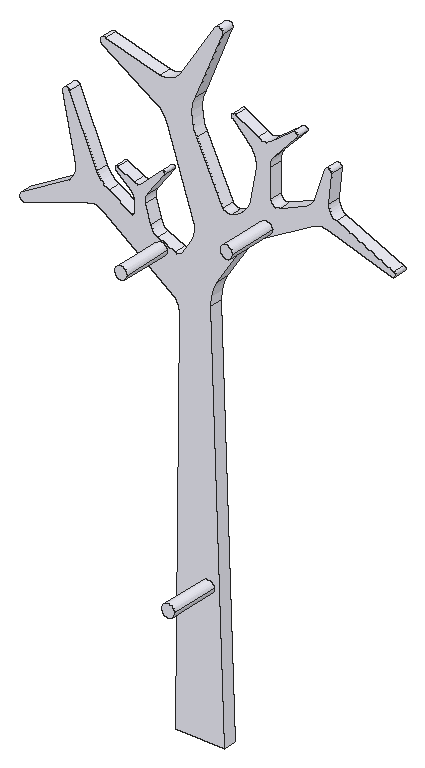
Revit family
Parameters
  Width = 2' - 6"
  Wall Offset [instance] = Depth - 0' 1"  # 0' - 4"
  URL = "www.hightoweraccess.com"
  Thickness = 0' - 1"  # constant formula
  Product URL = "http://www.hightoweraccess.com/pricelist/new/pdf/log.pdf"
  Model = "S 6333"
  Manufacturer = "HighTower"
  Height = 4' - 5"
  Description = "Tree Wall Mount, Jr."
  Depth [instance] = 0' - 5"
  Base [instance] = Furniture - HIGH TOWER - Tree - Base
  Assembly Description = "Furniture & Accessories"
  Assembly Code = "E2020200"
Reference planes (in)
  plane 1: y = 0
  plane 2 "Center (Left/Right)": x = 0
  plane 3 "Wall Edge": y = 3
Forms (in)
  Extrusion 1, solid, material "Furniture - HIGH TOWER - Tree - Base" <- "Base"
    sketch origin (0, 3, 0) x (1, 0, 0) y (0, 0, 1)
      loop
        line (1.9685, 0) -> (0.84687, 31.612)
        arc (0.84687, 31.612) -> (0.96869, 32.64333) -> (1.39563, 33.59003) r 3.40615
        line (1.39563, 33.59003) -> (3.23639, 36.41993)
        arc (3.23639, 36.41993) -> (3.86088, 37.16755) -> (4.64425, 37.74657) r 4.096
        line (4.64425, 37.74657) -> (9.19392, 40.33533)
        arc (9.19392, 40.33533) -> (9.7099, 40.50277) -> (10.25001, 40.45224) r 1.3419
        line (10.25001, 40.45224) -> (15.45245, 38.86115)
        arc (15.45245, 38.86115) -> (15.743, 39.00512) -> (15.61584, 39.30342) r 0.23613
        line (15.61584, 39.30342) -> (10.9723, 41.32692)
        arc (10.9723, 41.32692) -> (10.51131, 41.73416) -> (10.37589, 42.33417) r 1
        line (10.37589, 42.33417) -> (10.58258, 44.6084)
        arc (10.58258, 44.6084) -> (10.37705, 44.88727) -> (10.07571, 44.71638) r 0.26098
        line (10.07571, 44.71638) -> (9.22708, 42.23197)
        arc (9.22708, 42.23197) -> (9.00963, 41.86629) -> (8.66328, 41.6192) r 1.03344
        line (8.66328, 41.6192) -> (6.40204, 40.63007)
        arc (6.40204, 40.63007) -> (5.93053, 40.66806) -> (5.7017, 41.08206) r 0.5
        line (5.7017, 41.08206) -> (5.67361, 43.38288)
        arc (5.67361, 43.38288) -> (5.76617, 43.89545) -> (6.043, 44.33666) r 1.37288
        line (6.043, 44.33666) -> (7.78439, 46.20138)
        arc (7.78439, 46.20138) -> (7.78773, 46.49971) -> (7.49092, 46.53007) r 0.22123
        line (7.49092, 46.53007) -> (5.70204, 45.20347)
        arc (5.70204, 45.20347) -> (5.16007, 45.00815) -> (4.60027, 45.14424) r 1
        line (4.60027, 45.14424) -> (2.85271, 46.16973)
        arc (2.85271, 46.16973) -> (2.54914, 46.11037) -> (2.57072, 45.8018) r 0.23355
        line (2.57072, 45.8018) -> (4.04167, 44.35479)
        arc (4.04167, 44.35479) -> (4.46143, 43.67089) -> (4.51298, 42.87011) r 1.66677
        line (4.51298, 42.87011) -> (4.05784, 40.35202)
        arc (4.05784, 40.35202) -> (3.72083, 39.59369) -> (3.07235, 39.07587) r 1.75
        line (3.07235, 39.07587) -> (2.48168, 38.80178)
        arc (2.48168, 38.80178) -> (2.10429, 38.78402) -> (1.82221, 39.03535) r 0.5
        line (1.82221, 39.03535) -> (-0.32063, 43.4091)
        arc (-0.32063, 43.4091) -> (-0.67574, 44.83557) -> (-0.41377, 46.28205) r 3.5
        line (-0.41377, 46.28205) -> (1.76395, 51.56869)
        arc (1.76395, 51.56869) -> (1.60736, 51.99906) -> (1.1645, 51.88238) r 0.3397
        line (1.1645, 51.88238) -> (-1.6315, 47.55332)
        arc (-1.6315, 47.55332) -> (-2.3501, 46.96827) -> (-3.27534, 46.91707) r 1.5
        line (-3.27534, 46.91707) -> (-7.62591, 48.06857)
        arc (-7.62591, 48.06857) -> (-8.05128, 47.86083) -> (-7.90704, 47.40995) r 0.36183
        line (-7.90704, 47.40995) -> (-3.68237, 44.83077)
        arc (-3.68237, 44.83077) -> (-3.02679, 44.25109) -> (-2.61116, 43.48099) r 2.5
        line (-2.61116, 43.48099) -> (-0.54867, 37.23589)
        arc (-0.54867, 37.23589) -> (-0.47753, 36.44277) -> (-0.76519, 35.70024) r 1.75
        line (-0.76519, 35.70024) -> (-1.4733, 34.66325)
        arc (-1.4733, 34.66325) -> (-1.75383, 34.46305) -> (-2.09726, 34.49193) r 0.5
        line (-2.09726, 34.49193) -> (-3.4299, 35.11239)
        arc (-3.4299, 35.11239) -> (-3.8025, 35.39764) -> (-4.02008, 35.81341) r 1.08661
        line (-4.02008, 35.81341) -> (-4.40125, 37.22082)
        arc (-4.40125, 37.22082) -> (-4.41644, 37.57375) -> (-4.27889, 37.89912) r 0.80403
        line (-4.27889, 37.89912) -> (-2.91392, 39.80527)
        arc (-2.91392, 39.80527) -> (-2.9363, 39.9992) -> (-3.13149, 39.99594) r 0.14535
        line (-3.13149, 39.99594) -> (-4.74726, 38.4816)
        arc (-4.74726, 38.4816) -> (-5.0508, 38.33653) -> (-5.38246, 38.39293) r 0.55635
        line (-5.38246, 38.39293) -> (-6.65831, 39.05008)
        arc (-6.65831, 39.05008) -> (-6.85561, 38.99985) -> (-6.82957, 38.79793) r 0.15353
        line (-6.82957, 38.79793) -> (-5.62783, 37.74888)
        arc (-5.62783, 37.74888) -> (-5.42542, 37.48568) -> (-5.33991, 37.16485) r 0.84583
        line (-5.33991, 37.16485) -> (-5.27835, 36.18753)
        arc (-5.27835, 36.18753) -> (-5.35797, 36.03167) -> (-5.53292, 36.02675) r 0.17159
        line (-5.53292, 36.02675) -> (-7.4266, 37.07861)
        arc (-7.4266, 37.07861) -> (-8.00916, 37.54192) -> (-8.41034, 38.16887) r 2.26791
        line (-8.41034, 38.16887) -> (-10.54643, 43.15997)
        arc (-10.54643, 43.15997) -> (-10.90628, 43.32492) -> (-11.1055, 42.98285) r 0.29463
        line (-11.1055, 42.98285) -> (-10.0679, 38.09698)
        arc (-10.0679, 38.09698) -> (-10.14814, 37.30728) -> (-10.67292, 36.71174) r 1.29888
        line (-10.67292, 36.71174) -> (-14.41488, 34.47908)
        arc (-14.41488, 34.47908) -> (-14.5476, 34.04832) -> (-14.13274, 33.87209) r 0.33646
        line (-14.13274, 33.87209) -> (-9.10273, 35.60774)
        arc (-9.10273, 35.60774) -> (-8.43269, 35.66939) -> (-7.81016, 35.41402) r 1.41236
        line (-7.81016, 35.41402) -> (-2.17809, 31.30925)
        arc (-2.17809, 31.30925) -> (-1.82822, 30.89686) -> (-1.70558, 30.37013) r 1.14975
        line (-1.70558, 30.37013) -> (-1.9685, 0) -> (1.9685, 0)
    from -5 to -4
  Extrusion 2, solid, material "Furniture - HIGH TOWER - Tree - Base" <- "Base"
    sketch origin (0, 3, 0) x (1, 0, 0) y (0, 0, 1)
      loop
        circle (0.59521, 11.22122) r 0.5
      loop
        circle (5.2982, 38.83608) r 0.5
      loop
        circle (-3.21361, 34.33201) r 0.5
    from -4 to 0
Text (in)
  text "Placement Side" at (0, 40.15149, 123.01588), in view "Right"
  text "Placement Side" at (-70.3804, 28.46503, 0), in view "Ref. Level"
  text "Placement Side" at (0, 81.62555, 140.59947), in view "Left"
Dimensions and locks (in)
  locked: plane 3 "Wall Edge" to host wall
  "Thickness": Extrusion 1 to Extrusion 1
  "Wall Offset": Extrusion 1 to host wall
  aligned and locked: Extrusion 2 to Extrusion 1
  aligned and locked: Extrusion 2 to host wall
Automatic sketch dimensions
  plane 2 "Center (Left/Right)" to Extrusion 2 sketch curve = 0' - 0.59521"
  Extrusion 2 sketch curve to plane 2 "Center (Left/Right)" = 0' - 3.21361"
  plane 2 "Center (Left/Right)" to Extrusion 2 sketch curve = 0' - 5.2982"
  level to Extrusion 2 sketch curve = 0' - 11.22122"
  Extrusion 2 sketch curve to Extrusion 2 sketch curve = 1' - 11.11079"
  Extrusion 2 sketch curve to Extrusion 2 sketch curve = 0' - 4.50407"
  Extrusion 1 sketch curve to plane 2 "Center (Left/Right)" = 1' - 2.41488"
  Extrusion 1 sketch curve to Extrusion 1 sketch curve = 0' - 0.1724"
  Extrusion 1 sketch curve to Extrusion 1 sketch curve = 0' - 0.10975"
  Extrusion 1 sketch curve to Extrusion 1 sketch curve = 0' - 3.07644"
  Extrusion 1 sketch curve to Extrusion 1 sketch curve = 0' - 0.23295"
  Extrusion 1 sketch curve to Extrusion 1 sketch curve = 0' - 0.2882"
  Extrusion 1 sketch curve to Extrusion 1 sketch curve = 0' - 0.66552"
  Extrusion 1 sketch curve to Extrusion 1 sketch curve = 0' - 0.27086"
  Extrusion 1 sketch curve to Extrusion 1 sketch curve = 0' - 1.27054"
  Extrusion 1 sketch curve to Extrusion 1 sketch curve = 0' - 1.57019"
  Extrusion 1 sketch curve to Extrusion 1 sketch curve = 0' - 0.4607"
  Extrusion 1 sketch curve to Extrusion 1 sketch curve = 0' - 1.65756"
  Extrusion 1 sketch curve to Extrusion 1 sketch curve = 0' - 2.6394"
  Extrusion 1 sketch curve to Extrusion 1 sketch curve = 0' - 1.29256"
  Extrusion 1 sketch curve to Extrusion 1 sketch curve = 0' - 0.18854"
  Extrusion 1 sketch curve to Extrusion 1 sketch curve = 0' - 0.09258"
  Extrusion 1 sketch curve to Extrusion 1 sketch curve = 0' - 0.98374"
  Extrusion 1 sketch curve to Extrusion 1 sketch curve = 0' - 1.58077"
  Extrusion 1 sketch curve to Extrusion 1 sketch curve = 0' - 0.10096"
  Extrusion 1 sketch curve to Extrusion 1 sketch curve = 0' - 0 9/128"
  Extrusion 1 sketch curve to Extrusion 1 sketch curve = 0' - 0.33295"
  Extrusion 1 sketch curve to Extrusion 1 sketch curve = 0' - 1.24253"
  Extrusion 1 sketch curve to Extrusion 1 sketch curve = 0' - 0.55624"
  Extrusion 1 sketch curve to Extrusion 1 sketch curve = 0' - 0.65116"
  Extrusion 1 sketch curve to Extrusion 1 sketch curve = 0' - 0.08332"
  Extrusion 1 sketch curve to Extrusion 1 sketch curve = 0' - 0.24537"
  Extrusion 1 sketch curve to Extrusion 1 sketch curve = 0' - 0.28792"
  Extrusion 1 sketch curve to Extrusion 1 sketch curve = 0' - 0.17125"
  Extrusion 1 sketch curve to Extrusion 1 sketch curve = 0' - 0.25475"
  Extrusion 1 sketch curve to Extrusion 1 sketch curve = 0' - 0.14266"
  Extrusion 1 sketch curve to Extrusion 1 sketch curve = 0' - 0.38045"
  Extrusion 1 sketch curve to Extrusion 1 sketch curve = 0' - 0.93866"
  Extrusion 1 sketch curve to Extrusion 1 sketch curve = 0' - 0.12236"
  Extrusion 1 sketch curve to Extrusion 1 sketch curve = 0' - 1.25827"
  Extrusion 1 sketch curve to Extrusion 1 sketch curve = 0' - 1.30268"
  Extrusion 1 sketch curve to Extrusion 1 sketch curve = 0' - 0.65371"
  Extrusion 1 sketch curve to Extrusion 1 sketch curve = 0' - 0.59018"
  Extrusion 1 sketch curve to Extrusion 1 sketch curve = 0' - 0.40703"
  Extrusion 1 sketch curve to Extrusion 1 sketch curve = 0' - 1.61577"
  Extrusion 1 sketch curve to Extrusion 1 sketch curve = 0' - 0.0994"
  Extrusion 1 sketch curve to Extrusion 1 sketch curve = 0' - 0.45864"
  Extrusion 1 sketch curve to Extrusion 1 sketch curve = 0' - 0.11818"
  Extrusion 1 sketch curve to Extrusion 1 sketch curve = 0' - 0.3838"
  Extrusion 1 sketch curve to plane 2 "Center (Left/Right)" = 0' - 2.85528"
  Extrusion 1 sketch curve to Extrusion 1 sketch curve = 0' - 1.07121"
  Extrusion 1 sketch curve to Extrusion 1 sketch curve = 0' - 0.76086"
  Extrusion 1 sketch curve to Extrusion 1 sketch curve = 0' - 0.67719"
  Extrusion 1 sketch curve to Extrusion 1 sketch curve = 0' - 1.33264"
  Extrusion 1 sketch curve to plane 2 "Center (Left/Right)" = 0' - 1.9685"
  Extrusion 1 sketch curve to Extrusion 1 sketch curve = 0' - 0.21104"
  Extrusion 1 sketch curve to Extrusion 1 sketch curve = 0' - 0.47252"
  Extrusion 1 sketch curve to Extrusion 1 sketch curve = 0' - 1.26004"
  Extrusion 1 sketch curve to Extrusion 1 sketch curve = 0' - 0.41291"
  Extrusion 1 sketch curve to Extrusion 1 sketch curve = 0' - 0.70811"
  Extrusion 1 sketch curve to Extrusion 1 sketch curve = 0' - 0.21652"
  Extrusion 1 sketch curve to plane 2 "Center (Left/Right)" = 0' - 0.41377"
  Extrusion 1 sketch curve to plane 2 "Center (Left/Right)" = 0' - 0.32063"
  plane 2 "Center (Left/Right)" to Extrusion 1 sketch curve = 0' - 0.84687"
  plane 2 "Center (Left/Right)" to Extrusion 1 sketch curve = 0' - 1.1645"
  plane 2 "Center (Left/Right)" to Extrusion 1 sketch curve = 0' - 1.39563"
  Extrusion 1 sketch curve to Extrusion 1 sketch curve = 0' - 0.28536"
  Extrusion 1 sketch curve to Extrusion 1 sketch curve = 0' - 0.31409"
  plane 2 "Center (Left/Right)" to Extrusion 1 sketch curve = 0' - 1.82221"
  plane 2 "Center (Left/Right)" to Extrusion 1 sketch curve = 0' - 1.9685"
  Extrusion 1 sketch curve to Extrusion 1 sketch curve = 0' - 0.44901"
  plane 2 "Center (Left/Right)" to Extrusion 1 sketch curve = 0' - 2.33575"
  Extrusion 1 sketch curve to Extrusion 1 sketch curve = 0' - 0.21046"
  plane 2 "Center (Left/Right)" to Extrusion 1 sketch curve = 0' - 2.57072"
  Extrusion 1 sketch curve to Extrusion 1 sketch curve = 0' - 0.16379"
  Extrusion 1 sketch curve to Extrusion 1 sketch curve = 0' - 0.2517"
  Extrusion 1 sketch curve to Extrusion 1 sketch curve = 0' - 0.1182"
  plane 2 "Center (Left/Right)" to Extrusion 1 sketch curve = 0' - 2.87279"
  Extrusion 1 sketch curve to Extrusion 1 sketch curve = 0' - 0.59068"
  plane 2 "Center (Left/Right)" to Extrusion 1 sketch curve = 0' - 3.23639"
  Extrusion 1 sketch curve to Extrusion 1 sketch curve = 0' - 1.21925"
  Extrusion 1 sketch curve to Extrusion 1 sketch curve = 0' - 0.98549"
  plane 2 "Center (Left/Right)" to Extrusion 1 sketch curve = 0' - 4.25087"
  Extrusion 1 sketch curve to Extrusion 1 sketch curve = 0' - 0.47131"
  Extrusion 1 sketch curve to Extrusion 1 sketch curve = 0' - 0 143/256"
  Extrusion 1 sketch curve to Extrusion 1 sketch curve = 0' - 1.40787"
  Extrusion 1 sketch curve to Extrusion 1 sketch curve = 0' - 0.50611"
  Extrusion 1 sketch curve to Extrusion 1 sketch curve = 0' - 1.16063"
  Extrusion 1 sketch curve to Extrusion 1 sketch curve = 0' - 1.64386"
  Extrusion 1 sketch curve to Extrusion 1 sketch curve = 0' - 0.59566"
  Extrusion 1 sketch curve to Extrusion 1 sketch curve = 0' - 0.34096"
  Extrusion 1 sketch curve to Extrusion 1 sketch curve = 0' - 0.49996"
  Extrusion 1 sketch curve to Extrusion 1 sketch curve = 0' - 0.20038"
  Extrusion 1 sketch curve to Extrusion 1 sketch curve = 0' - 2.41904"
  Extrusion 1 sketch curve to Extrusion 1 sketch curve = 0' - 1.00339"
  Extrusion 1 sketch curve to Extrusion 1 sketch curve = 0' - 1.78888"
  Extrusion 1 sketch curve to Extrusion 1 sketch curve = 0' - 0.13178"
  Extrusion 1 sketch curve to Extrusion 1 sketch curve = 0' - 0.16169"
  Extrusion 1 sketch curve to Extrusion 1 sketch curve = 0' - 1.20273"
  Extrusion 1 sketch curve to Extrusion 1 sketch curve = 0' - 0.41417"
  Extrusion 1 sketch curve to Extrusion 1 sketch curve = 0' - 0.53064"
  Extrusion 1 sketch curve to Extrusion 1 sketch curve = 0' - 0.56379"
  Extrusion 1 sketch curve to Extrusion 1 sketch curve = 0' - 0.66363"
  Extrusion 1 sketch curve to Extrusion 1 sketch curve = 0' - 0.84863"
  Extrusion 1 sketch curve to Extrusion 1 sketch curve = 0' - 1.05609"
  Extrusion 1 sketch curve to Extrusion 1 sketch curve = 0' - 0.24697"
  Extrusion 1 sketch curve to Extrusion 1 sketch curve = 0' - 1.14881"
  Extrusion 1 sketch curve to Extrusion 1 sketch curve = 0' - 0.2599"
  Extrusion 1 sketch curve to Extrusion 1 sketch curve = 0' - 0.72229"
  Extrusion 1 sketch curve to Extrusion 1 sketch curve = 0' - 0.39949"
  Extrusion 1 sketch curve to Extrusion 1 sketch curve = 0' - 4.48015"
  Extrusion 1 sketch curve to Extrusion 1 sketch curve = 0' - 0.06906"
  Extrusion 1 sketch curve to Extrusion 1 sketch curve = 0' - 0.09433"
  level to Extrusion 1 sketch curve = 0' - 0"
  Extrusion 1 sketch curve to Extrusion 1 sketch curve = 2' - 6.37013"
  Extrusion 1 sketch curve to Extrusion 1 sketch curve = 0' - 0.00995"
  Extrusion 1 sketch curve to Extrusion 1 sketch curve = 0' - 1.24186"
  Extrusion 1 sketch curve to Extrusion 1 sketch curve = 0' - 0.12078"
  Extrusion 1 sketch curve to Extrusion 1 sketch curve = 0' - 3.492"
  Extrusion 1 sketch curve to Extrusion 1 sketch curve = 0' - 2.45375"
  Extrusion 1 sketch curve to Extrusion 1 sketch curve = 0' - 0.31806"
  Extrusion 1 sketch curve to Extrusion 1 sketch curve = 0' - 0.40054"
  Extrusion 1 sketch curve to Extrusion 1 sketch curve = 0' - 3.18268"
  Extrusion 1 sketch curve to Extrusion 1 sketch curve = 0' - 0.17132"
  Extrusion 1 sketch curve to Extrusion 1 sketch curve = 0' - 0.62047"
  Extrusion 1 sketch curve to Extrusion 1 sketch curve = 0' - 1.14139"
  Extrusion 1 sketch curve to Extrusion 1 sketch curve = 0' - 1.03699"
  Extrusion 1 sketch curve to Extrusion 1 sketch curve = 0' - 0.70102"
  Extrusion 1 sketch curve to Extrusion 1 sketch curve = 0' - 0.21333"
  Extrusion 1 sketch curve to Extrusion 1 sketch curve = 0' - 0.15"
  Extrusion 1 sketch curve to Extrusion 1 sketch curve = 0' - 2.8299"
  Extrusion 1 sketch curve to Extrusion 1 sketch curve = 0' - 0.58963"
  Extrusion 1 sketch curve to Extrusion 1 sketch curve = 0' - 1.104"
  Extrusion 1 sketch curve to Extrusion 1 sketch curve = 0' - 1.6646"
  Extrusion 1 sketch curve to Extrusion 1 sketch curve = 0' - 0.93493"
  Extrusion 1 sketch curve to Extrusion 1 sketch curve = 0' - 0.05317"
  Extrusion 1 sketch curve to Extrusion 1 sketch curve = 0' - 0.05597"
  Extrusion 1 sketch curve to Extrusion 1 sketch curve = 0' - 0.21018"
  Extrusion 1 sketch curve to Extrusion 1 sketch curve = 0' - 1.11542"
  Extrusion 1 sketch curve to Extrusion 1 sketch curve = 0' - 1.09026"
  Extrusion 1 sketch curve to Extrusion 1 sketch curve = 0' - 0.64405"
  Extrusion 1 sketch curve to Extrusion 1 sketch curve = 0' - 0.08867"
  Extrusion 1 sketch curve to Extrusion 1 sketch curve = 0' - 0.26327"
  Extrusion 1 sketch curve to Extrusion 1 sketch curve = 0' - 1.05521"
  Extrusion 1 sketch curve to Extrusion 1 sketch curve = 0' - 4.67462"
  Extrusion 1 sketch curve to Extrusion 1 sketch curve = 0' - 0.11566"
  Extrusion 1 sketch curve to Extrusion 1 sketch curve = 0' - 0.23357"
  Extrusion 1 sketch curve to Extrusion 1 sketch curve = 0' - 0.27409"
  Extrusion 1 sketch curve to Extrusion 1 sketch curve = 0' - 0.2258"
  Extrusion 1 sketch curve to Extrusion 1 sketch curve = 0' - 1.42245"
  Extrusion 1 sketch curve to Extrusion 1 sketch curve = 0' - 1.32367"
  Extrusion 1 sketch curve to Extrusion 1 sketch curve = 0' - 0.08462"
  Extrusion 1 sketch curve to Extrusion 1 sketch curve = 0' - 1.16631"
  Extrusion 1 sketch curve to Extrusion 1 sketch curve = 0' - 1.27616"
  Extrusion 1 sketch curve to Extrusion 1 sketch curve = 0' - 0.27805"
  Extrusion 1 sketch curve to Extrusion 1 sketch curve = 0' - 0.45199"
  Extrusion 1 sketch curve to Extrusion 1 sketch curve = 0' - 0.87468"
  Extrusion 1 sketch curve to Extrusion 1 sketch curve = 0' - 1.28388"
  Extrusion 1 sketch curve to Extrusion 1 sketch curve = 0' - 0.61276"
  Extrusion 1 sketch curve to Extrusion 1 sketch curve = 0' - 0.91674"
  Extrusion 1 sketch curve to Extrusion 1 sketch curve = 0' - 2.70105"
  Extrusion 1 sketch curve to Extrusion 1 sketch curve = 0' - 1.78805"
  Extrusion 1 sketch curve to Extrusion 1 sketch curve = 0' - 4.88586"
  Extrusion 1 sketch curve to Extrusion 1 sketch curve = 0' - 0.0612"
  Extrusion 1 sketch curve to Extrusion 1 sketch curve = 0' - 0.29646"
  Extrusion 1 sketch curve to Extrusion 1 sketch curve = 0' - 0.51276"
  Extrusion 1 sketch curve to Extrusion 1 sketch curve = 0' - 0.01676"
  Extrusion 1 sketch curve to Extrusion 1 sketch curve = 0' - 0.24252"
  Extrusion 1 sketch curve to Extrusion 1 sketch curve = 0' - 0.07189"
  Extrusion 1 sketch curve to Extrusion 1 sketch curve = 0' - 2.27423"
  Extrusion 1 sketch curve to Extrusion 1 sketch curve = 0' - 0.02362"
  Extrusion 1 sketch curve to Extrusion 1 sketch curve = 0' - 0.59419"
  Extrusion 1 sketch curve to Extrusion 1 sketch curve = 0' - 0.78945"
  Extrusion 1 sketch curve to Extrusion 1 sketch curve = 0' - 0.86681"
  Extrusion 1 sketch curve to Extrusion 1 sketch curve = 0' - 0.85282"
  Extrusion 1 sketch curve to Extrusion 1 sketch curve = 0' - 0.1665"
  Extrusion 1 sketch curve to Extrusion 1 sketch curve = 0' - 0.99791"
  Extrusion 1 sketch curve to Extrusion 1 sketch curve = 0' - 0.15099"
  Extrusion 1 sketch curve to Extrusion 1 sketch curve = 0' - 2.0863"
  Extrusion 1 sketch curve to Extrusion 1 sketch curve = 0' - 0.49288"
  Extrusion 1 sketch curve to Extrusion 1 sketch curve = 0' - 1.27127"
  Extrusion 1 sketch curve to Extrusion 1 sketch curve = 0' - 0.30883"
  Extrusion 1 sketch curve to Extrusion 1 sketch curve = 0' - 4.01537"
  Extrusion 1 sketch curve to Extrusion 1 sketch curve = 0' - 0.12938"
  radius of Extrusion 2 sketch curve = 0' - 0 1/2"  (x3)
